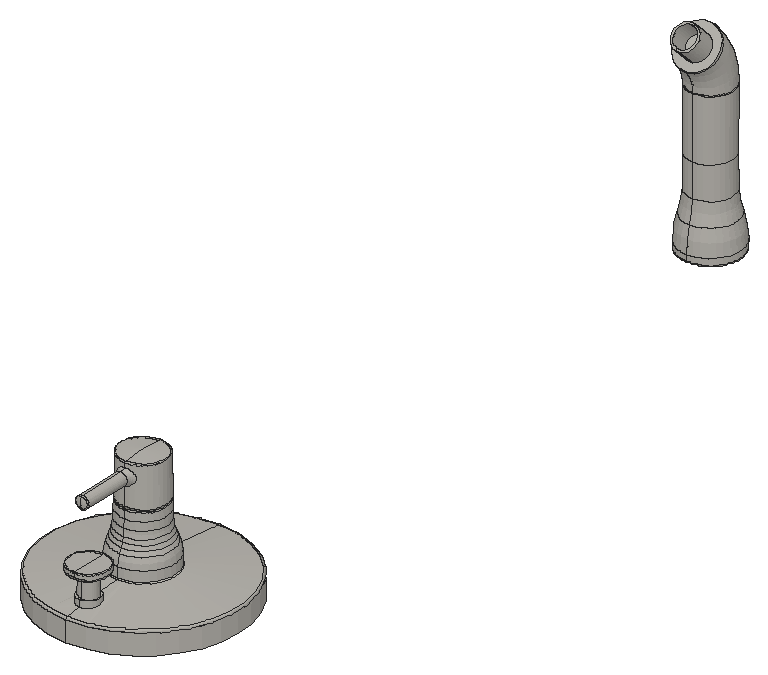
Revit family "Shower-Bath_and_Shower_Trim-KOHLER-Toobi-K-T8977", category Plumbing Fixtures, host Face, Revit 2015 (continued)
Definition of nested family "K-T8977-valve"
  Lines and regions (in)
    Masking region 1
      outline origin (0, 0, 0) x (0, 1, 0) y (0, 0, 1)
        loop
          arc (-0.79217, 2.6748) -> (-0.79491, 2.53587) -> (-0.79582, 2.39691) r 10.52548
          arc (-0.79582, 2.39691) -> (-0.80292, 2.2748) -> (-0.82416, 2.15433) r 1.05142
          arc (-0.82416, 2.15433) -> (-0.84286, 2.07752) -> (-0.8625, 2.00095) r 6.44701
          arc (-0.8625, 2.00095) -> (-0.8847, 1.92828) -> (-0.91252, 1.85757) r 0.96947
          arc (-0.91252, 1.85757) -> (-0.94488, 1.78278) -> (-0.97638, 1.70762) r 7.1457
          arc (-0.97638, 1.70762) -> (-1.03552, 1.52262) -> (-1.05552, 1.32943) r 0.94328
          arc (-1.05552, 1.32943) -> (-1.05611, 1.16398) -> (-1.0579, 0.99853) r 22.93149
          arc (-1.0579, 0.99853) -> (-1.06646, 0.97782) -> (-1.08688, 0.96858) r 0.03042
          arc (-1.08688, 0.96858) -> (-1.50777, 0.94434) -> (-1.92806, 0.91149) r 20.62214
          line (-1.92806, 0.91149) -> (-1.92806, 1.04784)
          arc (-1.92806, 1.04784) -> (-1.96401, 1.047) -> (-1.99997, 1.0463) r 8.74852
          arc (-1.99997, 1.0463) -> (-2.00003, 1.32033) -> (-2.00212, 1.59435) r 37.16918
          arc (-2.00212, 1.59435) -> (-1.96614, 1.71165) -> (-1.86886, 1.78643) r 0.20178
          arc (-1.86886, 1.78643) -> (-1.79408, 1.80631) -> (-1.71699, 1.813) r 0.44728
          arc (-1.71699, 1.813) -> (-1.69492, 1.81278) -> (-1.67285, 1.81212) r 1.10662
          arc (-1.67285, 1.81212) -> (-1.65818, 1.81769) -> (-1.65203, 1.83213) r 0.02002
          line (-1.65203, 1.83213) -> (-1.65203, 1.97937)
          arc (-1.65203, 1.97937) -> (-1.65778, 1.99325) -> (-1.67166, 1.999) r 0.01963
          line (-1.67166, 1.999) -> (-2.30192, 1.999) -> (-2.93219, 1.999)
          arc (-2.93219, 1.999) -> (-2.94607, 1.99325) -> (-2.95182, 1.97937) r 0.01963
          line (-2.95182, 1.97937) -> (-2.95182, 1.83213)
          arc (-2.95182, 1.83213) -> (-2.94567, 1.81769) -> (-2.931, 1.81212) r 0.02002
          arc (-2.931, 1.81212) -> (-2.90893, 1.81278) -> (-2.88686, 1.813) r 1.10662
          arc (-2.88686, 1.813) -> (-2.80977, 1.80631) -> (-2.73498, 1.78643) r 0.44728
          arc (-2.73498, 1.78643) -> (-2.63771, 1.71165) -> (-2.60173, 1.59435) r 0.20178
          arc (-2.60173, 1.59435) -> (-2.60381, 1.32033) -> (-2.60388, 1.0463) r 37.16918
          arc (-2.60388, 1.0463) -> (-2.63983, 1.047) -> (-2.67578, 1.04784) r 8.74852
          line (-2.67578, 1.04784) -> (-2.67578, 0.8316)
          arc (-2.67578, 0.8316) -> (-2.93307, 0.79771) -> (-3.18992, 0.76058) r 20.62214
          arc (-3.18992, 0.76058) -> (-3.23291, 0.73681) -> (-3.25, 0.69075) r 0.07063
          line (-3.25, 0.69075) -> (-3.25, 0) -> (0, 0) -> (3.25, 0) -> (3.25, 0.69075)
    Masking region 2
      outline origin (0, 0, 0) x (1, 0, 0) y (0, 0, 1)
        loop
          arc (3.25, 0.69075) -> (3.23291, 0.73681) -> (3.18992, 0.76058) r 0.07063
          arc (3.18992, 0.76058) -> (2.14107, 0.89154) -> (1.08688, 0.96858) r 20.62214
          arc (1.08688, 0.96858) -> (1.06646, 0.97782) -> (1.0579, 0.99853) r 0.03042
          arc (1.0579, 0.99853) -> (1.05611, 1.16398) -> (1.05552, 1.32943) r 22.93149
          arc (1.05552, 1.32943) -> (1.03552, 1.52262) -> (0.97638, 1.70762) r 0.94328
          arc (0.97638, 1.70762) -> (0.94488, 1.78278) -> (0.91252, 1.85757) r 7.1457
          arc (0.91252, 1.85757) -> (0.8847, 1.92828) -> (0.8625, 2.00095) r 0.96947
          arc (0.8625, 2.00095) -> (0.84286, 2.07752) -> (0.82416, 2.15433) r 6.44701
          arc (0.82416, 2.15433) -> (0.80292, 2.2748) -> (0.79582, 2.39691) r 1.05142
          arc (0.79582, 2.39691) -> (0.79491, 2.53587) -> (0.79217, 2.6748) r 10.52548
          arc (0.79217, 2.6748) -> (0.78878, 2.8124) -> (0.78583, 2.95001) r 42.16321
          arc (0.78583, 2.95001) -> (0.77691, 2.9706) -> (0.75611, 2.97901) r 0.02958
          arc (0.75611, 2.97901) -> (0.73813, 2.97894) -> (0.72015, 2.97889) r 13.4823
          arc (0.72015, 2.97889) -> (0.69645, 2.98679) -> (0.6823, 3.00737) r 0.03929
          arc (0.6823, 3.00737) -> (0.72405, 3.00724) -> (0.7658, 3.00694) r 10.07672
          arc (0.7658, 3.00694) -> (0.77965, 3.01264) -> (0.78523, 3.02654) r 0.01926
          line (0.78523, 3.02654) -> (0.76175, 4.37197)
          arc (0.76175, 4.37197) -> (0.75612, 4.38594) -> (0.74261, 4.39258) r 0.02107
          arc (0.74261, 4.39258) -> (0.37166, 4.42083) -> (0, 4.4375) r 11.93319
          arc (0, 4.4375) -> (-0.37166, 4.42083) -> (-0.74261, 4.39258) r 11.93319
          arc (-0.74261, 4.39258) -> (-0.75612, 4.38594) -> (-0.76175, 4.37197) r 0.02107
          line (-0.76175, 4.37197) -> (-0.76497, 4.18738) -> (-0.78523, 3.02654)
          arc (-0.78523, 3.02654) -> (-0.77965, 3.01264) -> (-0.7658, 3.00694) r 0.01926
          arc (-0.7658, 3.00694) -> (-0.72405, 3.00724) -> (-0.6823, 3.00737) r 10.07672
          arc (-0.6823, 3.00737) -> (-0.69645, 2.98679) -> (-0.72015, 2.97889) r 0.03929
          arc (-0.72015, 2.97889) -> (-0.73813, 2.97894) -> (-0.75611, 2.97901) r 13.4823
          arc (-0.75611, 2.97901) -> (-0.77691, 2.9706) -> (-0.78583, 2.95001) r 0.02958
          arc (-0.78583, 2.95001) -> (-0.78878, 2.8124) -> (-0.79217, 2.6748) r 42.16321
          arc (-0.79217, 2.6748) -> (-0.79491, 2.53587) -> (-0.79582, 2.39691) r 10.52548
          arc (-0.79582, 2.39691) -> (-0.80292, 2.2748) -> (-0.82416, 2.15433) r 1.05142
          arc (-0.82416, 2.15433) -> (-0.84286, 2.07752) -> (-0.8625, 2.00095) r 6.44701
          arc (-0.8625, 2.00095) -> (-0.8847, 1.92828) -> (-0.91252, 1.85757) r 0.96947
          arc (-0.91252, 1.85757) -> (-0.94488, 1.78278) -> (-0.97638, 1.70762) r 7.1457
          arc (-0.97638, 1.70762) -> (-1.03552, 1.52262) -> (-1.05552, 1.32943) r 0.94328
          arc (-1.05552, 1.32943) -> (-1.05611, 1.16398) -> (-1.0579, 0.99853) r 22.93149
          arc (-1.0579, 0.99853) -> (-1.06646, 0.97782) -> (-1.08688, 0.96858) r 0.03042
          arc (-1.08688, 0.96858) -> (-1.68904, 0.93123) -> (-2.28984, 0.87628) r 20.62214
          arc (-2.28984, 0.87628) -> (-2.74051, 0.82338) -> (-3.18992, 0.76058) r 20.62214
          arc (-3.18992, 0.76058) -> (-3.23291, 0.73681) -> (-3.25, 0.69075) r 0.07063
          line (-3.25, 0.69075) -> (-3.25, 0) -> (0, 0) -> (3.25, 0) -> (3.25, 0.69075)
    Masking region 3
      outline origin (0, 0, 0) x (1, 0, 0) y (0, 1, 0)
        loop
          circle (0, 0) r 3.25
    symbolic lines, detail levels medium+fine
      curve 1: line (0, 1.08688, 0.96858) -> (0, -1.08688, 0.96858)
      curve 2: line (0, -1.92806, 0.91149) -> (0, -2.67578, 0.8316)
      curve 3: line (0, -1.99997, 1.0463) -> (0, -2.60388, 1.0463)
      curve 4: line (0, 3.25, 0.69075) -> (0, -3.25, 0.69075)
      curve 5: line (0, 0.6823, 3.00737) -> (0, -0.6823, 3.00737)
      curve 6: line (0, -0.72015, 2.97889) -> (0, 0.72015, 2.97889)
      curve 7: arc (0, -0.76442, 4.21891) -> (0, -0.72012, 3.95385) -> (0, -0.77364, 3.6905) r 0.73816
      curve 8: arc (0, -2.73498, 1.78643) -> (0, -2.30192, 1.79114) -> (0, -1.86886, 1.78643) r 19.89989
      curve 9: line (1.0579, 0, 0.99853) -> (-1.0579, 0, 0.99853)
      curve 10: line (3.25, 0, 0.69075) -> (-3.25, 0, 0.69075)
      curve 11: line (0.6823, 0, 3.00737) -> (-0.6823, 0, 3.00737)
      curve 12: line (-0.72015, 0, 2.97889) -> (0.72015, 0, 2.97889)
      curve 13: arc (-0.2067, -0.95425, 0) -> (0, 0.97638, 0) -> (0.2067, -0.95425, 0) r 0.97638
      curve 14: arc (0.27322, -0.75017, 0) -> (-0.00014, 0.79838, 0) -> (-0.27296, -0.75027, 0) r 0.79838
      curve 15: arc (0.28668, -0.73086, 0) -> (0, 0.78507, 0) -> (-0.28668, -0.73086, 0) r 0.78507
      curve 16: arc (-0.2067, -1.68421, 0) -> (0, -2.95615, 0) -> (0.2067, -1.68421, 0) r 0.65276
      curve 17: line (0.2067, -2.56043, 0) -> (0.2067, -0.95425, 0)
      curve 18: arc (0.2067, -0.95425, 0) -> (0.2273, -0.83561, 0) -> (0.28668, -0.73086, 0) r 0.35198
      curve 19: line (-0.2067, -2.56043, 0) -> (-0.2067, -0.95425, 0)
      curve 20: line (-0.2067, -2.56043, 0) -> (-0.2067, -0.95425, 0)
      curve 21: arc (-0.2067, -0.95425, 0) -> (-0.2273, -0.83561, 0) -> (-0.28668, -0.73086, 0) r 0.35198
      curve 22: arc (0.2067, -2.56043, 0) -> (0, -2.67667, 0) -> (-0.2067, -2.56043, 0) r 0.24191
      curve 23: arc (0.2067, -1.03084, 0) -> (0, 1.05136, 0) -> (-0.2067, -1.03084, 0) r 1.05136
  Dimensions and locks (in)
    aligned and locked: plane 2 to level
Types (4): name | Type | Showerhead | Shower distance | Product Page URL | Product Documentation Link | Model | Less Showerhead | Length | Finish | Description
  With Showerhead-CP-Polished Chrome | 1 | yes | 30" | "http://www.us.kohler.com/us/catalog/productDetails.jsp?productNumber=T8977-4" | "https://www.us.kohler.com/webassets/kpna/catalog/pdf/en/K-T8977-4_spec.pdf" | "K-T8977-4-CP" | no | 10" | Kohler-Metal-CP-Polished_Chrome | "shower trim set with diverter, valve not included"
  With Showerhead-BN-Vibrant Brushed Nickel | 2 | yes | 24" | "http://www.us.kohler.com/us/catalog/productDetails.jsp?productNumber=T8977-4" | "https://www.us.kohler.com/webassets/kpna/catalog/pdf/en/K-T8977-4_spec.pdf" | "K-T8977-4-BN" | no | 10" | Kohler-Metal-BN-Vibrant_Brushed_Nickel | "shower trim set with diverter, valve not included"
  Without Showerhead-CP-Polished Chrome | 3 | no | 24" | "http://www.us.kohler.com/us/catalog/productDetails.jsp?productNumber=T8977-4L" | "https://www.us.kohler.com/webassets/kpna/catalog/pdf/en/K-T8977-4L_spec.pdf" | "K-T8977-4L-CP" | yes | 6 15/16" | Kohler-Metal-CP-Polished_Chrome | "Rite-Temp shower trim set with push-button diverter, less showerhead"
  Without Showerhead-BN-Vibrant Brushed Nickel | 4 | no | 24" | "http://www.us.kohler.com/us/catalog/productDetails.jsp?productNumber=T8977-4L" | "https://www.us.kohler.com/webassets/kpna/catalog/pdf/en/K-T8977-4L_spec.pdf" | "K-T8977-4L-BN" | yes | 6 15/16" | Kohler-Metal-BN-Vibrant_Brushed_Nickel | "Rite-Temp shower trim set with push-button diverter, less showerhead"
